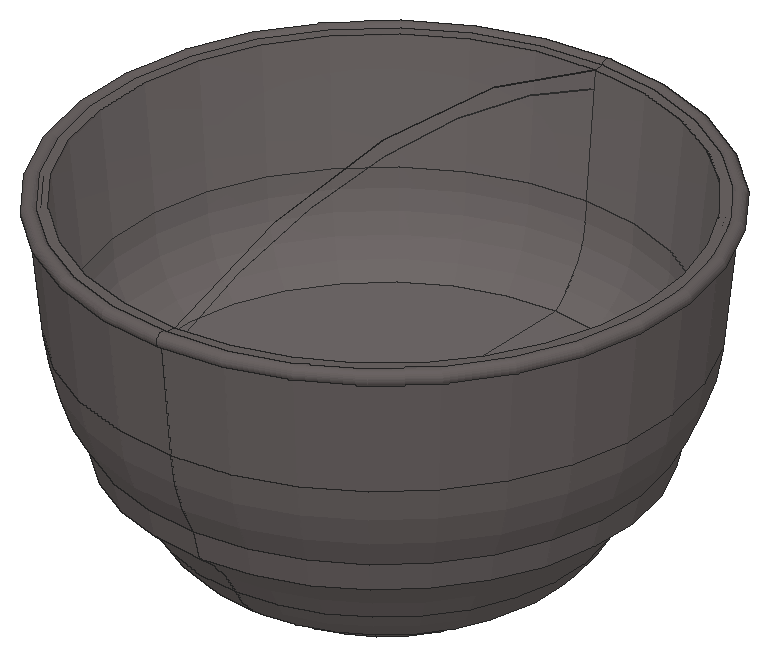
Revit family "PRM3", category Lighting Fixtures, host Face, Revit 2012
Parameters (values of type "PRM3 - BRM")
  Wattage Comments = "50-250W"  # constant formula
  Watt = 50 W
  Voltage [instance] = 120 V
  Is Volt [instance] = Voltage : 120V
  URL = "http://www.aal.net/"
  Photometric Web [instance] = Web PRM3 : PRM3-H5-150MH
  Horizontal Lamp [instance] = not(Vertical Lamp)  # no
  Product Page URL = "http://www.aal.net/products/promenade_prm3/"
  Product Documentation Link = "http://cdn.aal.net/content/products/specs/specs_files/aal_prm3_spec.pdf"
  Model = "PRM3"  # constant formula
  Manufacturer Phone = "(626)-968-5666"  # constant formula
  Manufacturer Fax = "(626)-369-2695"  # constant formula
  Manufacturer = "Architectural Area Lighting"  # constant formula
  Load Classification = Lighting
  Lamp = "ED-17, ED-18 & ED-28"  # constant formula
  Vertical Lamp [instance] = yes
  Glass = Hubbell-Glass-Frosted
  Finish = Hubbell-Aluminum-Metalic Bronze
  Description = "PROMENADE – PRM3"  # constant formula
  Default Elevation = 48.000"
  Apparent Load = 0 VA
Types (14): name | Photometric Web | Horizontal Lamp | Vertical Lamp | Finish
  (no name) | Web PRM3 : PRM3-H5-150MH | no | yes | Hubbell-Aluminum-Metalic Bronze
  PRM3 - AWT | Web PRM3 : PRM3-V5-250HPS | no | yes | Hubbell-Aluminum-Artic White
  PRM3 - BLK | Web PRM3 : PRM3-H5-150MH | no | yes | Hubbell-Aluminum-Black
  PRM3 - MTB | Web PRM3 : PRM3-H5-150MH | no | yes | Hubbell-Aluminum-Matte Black
  PRM3 - DGN | Web PRM3 : PRM3-H5-150MH | no | yes | Hubbell-Aluminum-Dark Green
  PRM3 - DBZ | Web PRM3 : PRM3-H5-150MH | no | yes | Hubbell-Aluminum-Dark Bronze
  PRM3 - WRZ | Web PRM3 : PRM3-H5-150MH | no | yes | Hubbell-Aluminum-Weathered Bronze
  PRM3 - BRM | Web PRM3 : PRM3-H5-150MH | no | yes | Hubbell-Aluminum-Metalic Bronze
  PRM3 - VBL | Web PRM3 : PRM3-H5-150MH | no | yes | Hubbell-Aluminum-Verde Blue
  PRM3 - CRT | Web PRM3 : PRM3-H5-150MH | no | yes | Hubbell-Aluminum-Corten
  PRM3 - MAL | Web PRM3 : PRM3-H5-150MH | yes | no | Hubbell-Aluminum-Matte
  PRM3 - MDG | Web PRM3 : PRM3-H5-150MH | no | yes | Hubbell-Aluminum-Medium Grey
  PRM3 - ATG | Web PRM3 : PRM3-H5-150MH | no | yes | Hubbell-Aluminum-Antique Green
  PRM3 - LGY | Web PRM3 : PRM3-H5-150MH | no | yes | Hubbell-Aluminum-Light Grey
Reference planes (in)
  plane 1 "Center (Front/Back)": y = 0
  plane 2: z = 0
  plane 3 "Center (Left/Right)": x = 0
  plane 4: z = 13
  plane 5: y = 9
  plane 6: y = -9
  plane 7: z = 8
Forms (in)
  Revolve 1, solid, material "Hubbell-Glass-Frosted" <- "Glass", visible <- "Horizontal Lamp"
    sketch origin (0, 0, 0) x (0, 1, 0) y (0, 0, 1)
      loop
        line (8.5, 11.23671) -> (0, 11.23671) -> (0, 10.69451) -> (8.5, 10.69451) -> (8.5, 11.23671)
      axis (0, 11.23671) -> (0, 10.69451)
    angle from 0 to 360
  Revolve 2, solid, material "Hubbell-Glass-Frosted" <- "Glass", visible <- "Vertical Lamp"
    sketch origin (0, 0, 0) x (0, 1, 0) y (0, 0, 1)
      loop
        arc (8.5, 11.23671) -> (4.34048, 12.55453) -> (0, 13) r 21.36893
        line (0, 13) -> (0, 12.52178)
        arc (0, 12.52178) -> (4.34502, 12.06493) -> (8.5, 10.71436) r 20.89071
        line (8.5, 10.71436) -> (8.5, 11.23671)
      axis (0, 13) -> (0, 10.71436)
    angle from 0 to 360
  Revolve 3, solid, material "Hubbell-Aluminum-Metalic Bronze" <- "Finish"
    sketch origin (0, 0, 0) x (0, 1, 0) y (0, 0, 1)
      loop
        line (0, 0) -> (1.75, 0) -> (1.94958, 0.54833)
        arc (1.94958, 0.54833) -> (3.20162, 0.76312) -> (4.29881, 1.40338) r 3.56413
        arc (4.29881, 1.40338) -> (5.21598, 1.93859) -> (5.88719, 2.76148) r 2.97933
        arc (5.88719, 2.76148) -> (6.50062, 3.62247) -> (7.29278, 4.32254) r 4.64706
        line (7.29278, 4.32254) -> (7.52033, 5.17179)
        arc (7.52033, 5.17179) -> (8.14926, 6.40612) -> (8.46089, 7.75594) r 5.68365
        line (8.46089, 7.75594) -> (8.8006, 10.98814)
        arc (8.8006, 10.98814) -> (8.9891, 11.29191) -> (8.63321, 11.32592) r 0.21037
        line (8.63321, 11.32592) -> (8.33335, 11.32592) -> (7.95918, 7.76594)
        arc (7.95918, 7.76594) -> (7.69564, 6.31348) -> (6.76517, 5.16748) r 2.96895
        line (6.76517, 5.16748) -> (0, 5.16748) -> (0, 0)
      axis (0, 11.32592) -> (0, 0)
    angle from 0 to 360
Dimensions and locks (in)
  locked: plane 4 to plane 2 at 13
  equal spacing: plane 5, plane 1 "Center (Front/Back)", plane 6
  plane 5 to plane 6 = 18.000"
  plane 5 to plane 1 "Center (Front/Back)" = 9.000"
  locked: plane 7 to plane 2 at 8
  aligned and locked: plane 2 to host face
  aligned and locked: level to host face
  aligned and locked: plane 1 "Center (Front/Back)" to Revolve 1 sketch curve  (x2)
  aligned and locked: plane 1 "Center (Front/Back)" to Revolve 2 sketch curve
  aligned and locked: plane 1 "Center (Front/Back)" to nested 2
  aligned and locked: plane 3 "Center (Left/Right)" to nested 2
  aligned and locked: plane 1 "Center (Front/Back)" to Revolve 3 sketch curve
  aligned and locked: Revolve 3 sketch curve to nested 2
  aligned and locked: level to Revolve 3 sketch curve
Automatic sketch dimensions
  host sketch curve to host sketch curve = 96.000"  (x2)
  plane 5 to Revolve 1 sketch curve = 0.500"
  level to Revolve 1 sketch curve = 3.250"
  Revolve 1 sketch curve to Revolve 1 sketch curve = 0.5422"
  plane 4 to Revolve 1 sketch curve = 5.250"
  Revolve 2 sketch curve to Revolve 2 sketch curve = 0.000"
  Revolve 2 sketch curve to plane 1 "Center (Front/Back)" = 0.000"
  plane 5 to Revolve 2 sketch curve = 0.500"
  Revolve 2 sketch curve to Revolve 2 sketch curve = 5.750"  (x2)
  Revolve 2 sketch curve to plane 4 = 2.28564"
  Revolve 2 sketch curve to Revolve 2 sketch curve = 0.52235"
  plane 4 to Revolve 2 sketch curve = 0.000"
  Revolve 1 sketch curve to plane 4 = 2.30549"
  Revolve 3 sketch curve to plane 1 "Center (Front/Back)" = 1.750"
  level to Revolve 3 sketch curve = 0.54833"
  Revolve 3 sketch curve to Revolve 3 sketch curve = 0.19958"
  Revolve 3 sketch curve to plane 1 "Center (Front/Back)" = 1.98262"
  plane 7 to Revolve 3 sketch curve = 0.35004"
  Revolve 3 sketch curve to plane 1 "Center (Front/Back)" = 2.80837"
  Revolve 3 sketch curve to Revolve 3 sketch curve = 1.29722"
  level to Revolve 3 sketch curve = 1.40338"
  Revolve 3 sketch curve to Revolve 3 sketch curve = 2.34923"
  Revolve 3 sketch curve to plane 7 = 0.44687"
  Revolve 3 sketch curve to Revolve 3 sketch curve = 2.1895"
  Revolve 3 sketch curve to Revolve 3 sketch curve = 1.58838"
  Revolve 3 sketch curve to Revolve 3 sketch curve = 0.000"
  plane 5 to Revolve 3 sketch curve = 2.23483"
  Revolve 3 sketch curve to Revolve 3 sketch curve = 0.52761"
  Revolve 3 sketch curve to Revolve 3 sketch curve = 0.75516"
  Revolve 3 sketch curve to plane 7 = 0.23406"
  plane 5 to Revolve 3 sketch curve = 1.04082"
  plane 5 to Revolve 3 sketch curve = 0.66665"
  Revolve 3 sketch curve to plane 7 = 0.24406"
  Revolve 3 sketch curve to Revolve 3 sketch curve = 0.5017"
  plane 5 to Revolve 3 sketch curve = 0.36679"
  level to Revolve 3 sketch curve = 0.51298"
  Revolve 3 sketch curve to plane 5 = 0.95406"
  Revolve 3 sketch curve to Revolve 3 sketch curve = 5.750"
  Revolve 3 sketch curve to plane 4 = 2.01186"
  Revolve 3 sketch curve to Revolve 3 sketch curve = 0.21037"
  plane 4 to Revolve 3 sketch curve = 3.000"
Nested families (in)
  nested 1: "Voltage" at (8.73564, -35.19298, 0), type "120V"
  nested 2: "Web PRM3" at (0.23896, -0.03999, 8), type <- "Photometric Web", type "PRM3-H5-150MH"
Connectors (in)
  electrical at (0, 0, 0), driven by "Load Classification", driven by "Voltage", driven by "Apparent Load"
    settings: on host face, index 1, voltage 120 V, apparent load 0 VA, apparent load phase1 0 VA, apparent load phase2 0 VA, apparent load phase3 0 VA, power factor 1, load classification "Lighting", number of poles 1, system type 30, power factor state 1, is connector primary yes, connector utility no, sub classification motor no, connector description "Electrical Connector"
Definition of nested family "Voltage"
  Parameters (values of type "277V")
    277V = yes
    240V = no
    208V = no
    120V = no
  Types (5): name | 277V | 240V | 208V | 120V
    (no name) | yes | no | no | no
    120V | no | no | no | yes
    208V | no | no | yes | no
    240V | no | yes | no | no
    277V | yes | no | no | no
  Reference planes (in)
    plane 1 "Center (Front/Back)": y = 0
    plane 2: z = 0
    plane 3 "Center (Left/Right)": x = 0
  Dimensions and locks (in)
    aligned and locked: plane 2 to level
Definition of nested family "Web PRM3"
  Parameters (values of type "PRM3-V5-250HPS")
    Wattage Comments = ""
    Wattage = -0.00288337 W
    built-in parameter 1150110 = 1 (stored number, unit not read)
    URL = ""
    built-in parameter 1114217 = 1 (stored number, unit not read)
    Tilt Angle = -90.00°
    built-in parameter 1150109 = 1 (stored number, unit not read)
    built-in parameter 1150134 = (empty or 0)
    built-in parameter 1150113 = 1 (stored number, unit not read)
    Product Page URL = ""
    Product Documentation Link = ""
    Photometric Web File = "PRM3-V5-250HPS.IES"
    Model = ""
    Manufacturer Phone = "(864)-678-1000"
    Manufacturer Fax = "(866)-898-1065"
    Manufacturer = "Hubbell Outdoor Lighting"
    built-in parameter 1150105 = 212.72 (stored number, unit not read)
    Lumens = -0.234274 lm
    built-in parameter 1150115 = 1 (stored number, unit not read)
    built-in parameter 1150137 = (empty or 0)
    built-in parameter 1150139 = (empty or 0)
    built-in parameter 1150112 = 1 (stored number, unit not read)
    built-in parameter 1150114 = 1 (stored number, unit not read)
    Lamp = ""
    built-in parameter 1150132 = 1
    built-in parameter 1150102 = (empty or 0)
    built-in parameter 1150107 = 5100 (stored number, unit not read)
    built-in parameter 1150138 = (empty or 0)
    built-in parameter 1150106 = 2.1272 (stored number, unit not read)
    Emit from Circle Diameter = 15.000"  # constant formula
    Emit Shape Visible in Rendering = no
    built-in parameter 1150104 = 7.5484 (stored number, unit not read)
    Dimming Lamp Color Temperature Shift = (empty or 0)
    Description = ""
    Default Elevation = 48.000"
    Color Filter = 16777215
    built-in parameter 1114218 = 1 (stored number, unit not read)
    built-in parameter 1150133 = 10 (stored number, unit not read)
  Types (6): name | Photometric Web File
    PRM3-H3-150MH | "PRM3-H3-150MH.IES"
    PRM3-H4-150HPS | "PRM3-H4-150HPS.IES"
    PRM3-H5-150MH | "PRM3-H5-150MH.IES"
    PRM3-V3-250HPS | "PRM3-V3-250HPS.IES"
    PRM3-V5-250HPS | "PRM3-V5-250HPS.IES"
    PRM3-H2-150HPS | "PRM3-H2-150HPS.IES"
  Reference planes (in)
    plane 1 "Center (Front/Back)": y = 0.03999
    plane 2: z = 0
    plane 3 "Center (Left/Right)": x = -0.23896
  Forms (in)
    Extrusion 1, solid
      sketch origin (0, 0, 0.06357) x (1, 0, 0) y (0, 1, 0)
        loop
          line (-48, 48) -> (-48, -48) -> (48, -48) -> (48, 48) -> (-48, 48)
      from -0.06357 to -6.06357
  Lines and regions (in)
    reference lines
      curve 1: line (-0.23896, 0.03999, 18.11448) -> (-0.23896, 0.03999, -22.88552)
      curve 2: line (-0.23896, 0.03999, 34) -> (-0.23896, 0.03999, -22.88552)
      curve 3: line (-0.23896, 29.03999, 0) -> (-0.23896, -29.96001, 0)
      curve 4: line (-37.23896, 0.03999, 0) -> (40.76104, 0.03999, 0)
  Dimensions and locks (in)
    aligned and locked: plane 2 to Extrusion 1
    aligned and locked: level to Extrusion 1
    aligned and locked: plane 3 "Center (Left/Right)" to imposter light
    aligned and locked: imposter light to plane 1 "Center (Front/Back)"
    aligned and locked: curve 1 to plane 3 "Center (Left/Right)"
    aligned and locked: plane 1 "Center (Front/Back)" to curve 2
    aligned and locked: curve 3 to plane 3 "Center (Left/Right)"
    aligned and locked: plane 1 "Center (Front/Back)" to curve 4
